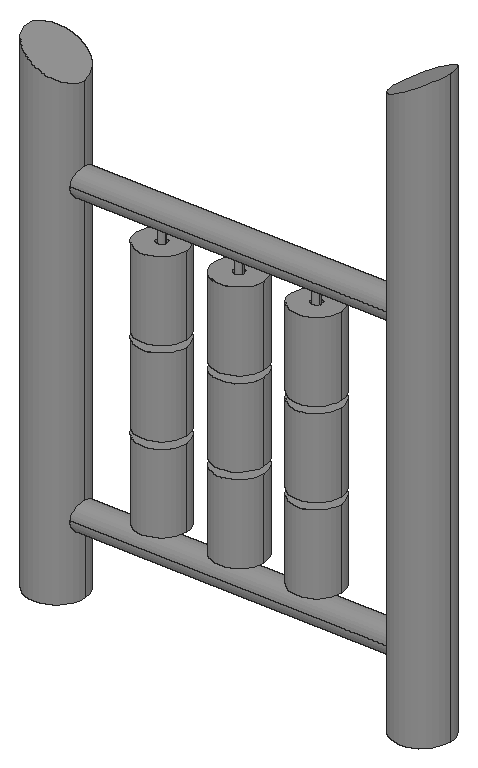
Revit family "41792 Бизиборд ARTWOOD «Крестики нолики» Хоббика", category Антураж, Revit 2018
Family settings
  На основе рабочей плоскости = Нет
  Всегда вертикально = Да
  При загрузке вырезать с полостями = Нет
  Источник визуального образа = Геометрия семейства
  Общий = Нет
  Точка расчета площади = Нет
Parameters (values of type "Бизиборд ARTWOOD «Крестики нолики»")
  Цвет отделки = Дерево
  Описание = "Бизиборд ARTWOOD «Крестики нолики»"  # constant formula
  Материал изделия = "Дерево, Пластик HDPE матовый"  # constant formula
  Изображение типоразмера = Бизиборд ARTWOOD «Крестики нолики» Арт 41792.jpg
  Изготовитель = "ООО «Хоббика»"  # constant formula
  Длина = 1200 mm  # constant formula
  Группа модели = "Элементы детской игровой площадки"  # constant formula
  Высота = 1700 mm  # constant formula
  Артикул товара = "Арт. 41792"  # constant formula
  URL = "https://hobbyka.ru/product/bizibord_artwood_krestiki_noliki/"
Reference planes
  plane 1 "По центру (Вперед/Назад)": y = 0
  plane 2: z = 0
  plane 3 "По центру (Влево/Вправо)": x = 0
  plane 4: x = 1200
  plane 5: y = 160
  plane 6: z = 1700
Forms (mm)
  Extrusion 1, solid, material "Дерево" <- "Цвет отделки"
    sketch origin (0, 0, 0) x (1, 0, 0) y (0, 1, 0)
      loop
        circle (80, 80) r 80
      loop
        circle (1120, 80) r 80
    from 0 to 1700
  Extrusion 2, void
    sketch origin (0, 0, 0) x (1, 0, 0) y (0, 0, 1)
      loop
        line (165, 1314.826) -> (165, 1705) -> (-5, 1705) -> (-5, 1409.058) -> (165, 1314.826)
      loop
        line (1035, 1611.919) -> (1209.366, 1705) -> (1035, 1705) -> (1035, 1611.919)
    from 0 to -160
  Extrusion 3, solid, material "Дерево" <- "Цвет отделки"
    sketch origin (0, 0, 150) x (0, 1, 0) y (0, 0, 1)
      loop
        circle (80, 910) r 40
    from 80 to 1120
  Extrusion 4, solid, material "Дерево" <- "Цвет отделки"
    sketch origin (0, 0, -690) x (0, 1, 0) y (0, 0, 1)
      loop
        circle (80, 900) r 40
    from 80 to 1120
  Extrusion 5, solid, material "Дерево" <- "Цвет отделки"
    sketch origin (0, 0, 0) x (1, 0, 0) y (0, 1, 0)
      loop
        circle (380, 80) r 10
      loop
        circle (600, 80) r 10
      loop
        circle (820, 80) r 10
    from 210 to 1060
  Extrusion 6, solid, material "Желтый"
    sketch origin (0, 0, 0) x (1, 0, 0) y (0, 1, 0)
      loop
        circle (380, 80) r 15
      loop
        circle (380, 80) r 70
      loop
        circle (600, 80) r 15
      loop
        circle (600, 80) r 70
      loop
        circle (820, 80) r 15
      loop
        circle (820, 80) r 70
    from 270 to 495
  Extrusion 7, solid, material "Желтый"
    sketch origin (0, 0, 0) x (1, 0, 0) y (0, 1, 0)
      loop
        circle (380, 80) r 15
      loop
        circle (380, 80) r 70
      loop
        circle (600, 80) r 15
      loop
        circle (600, 80) r 70
      loop
        circle (820, 80) r 15
      loop
        circle (820, 80) r 70
    from 515 to 740
  Extrusion 8, solid, material "Желтый"
    sketch origin (0, 0, 0) x (1, 0, 0) y (0, 1, 0)
      loop
        circle (380, 80) r 15
      loop
        circle (380, 80) r 70
      loop
        circle (600, 80) r 15
      loop
        circle (600, 80) r 70
      loop
        circle (820, 80) r 15
      loop
        circle (820, 80) r 70
    from 760 to 985
Cuts and joins
  Extrusion 2 cuts Extrusion 1
  joined: Extrusion 1, Extrusion 3, Extrusion 4, Extrusion 5
Dimensions and locks
  "Длина": plane 4 to plane 3 "По центру (Влево/Вправо)"
  locked: plane 5 to plane 1 "По центру (Вперед/Назад)" at 160
  "Высота": plane 6 to plane 2
  aligned and locked: level to plane 2
Automatic sketch dimensions
  plane 3 "По центру (Влево/Вправо)" to Extrusion 1 sketch curve = 80 mm
  Extrusion 1 sketch curve to plane 4 = 80 mm
  Extrusion 1 sketch curve to plane 1 "По центру (Вперед/Назад)" = 80 mm  (x2)
  Extrusion 2 sketch curve to plane 3 "По центру (Влево/Вправо)" = 5 mm
  plane 3 "По центру (Влево/Вправо)" to Extrusion 2 sketch curve = 165 mm
  Extrusion 2 sketch curve to plane 4 = 165 mm
  plane 4 to Extrusion 2 sketch curve = 9.366 mm
  Extrusion 2 sketch curve to plane 6 = 385.174 mm
  Extrusion 2 sketch curve to Extrusion 2 sketch curve = 94.233 mm
  Extrusion 2 sketch curve to plane 6 = 88.081 mm
  plane 6 to Extrusion 2 sketch curve = 5 mm  (x2)
  Extrusion 3 sketch curve to plane 1 "По центру (Вперед/Назад)" = 80 mm
  Extrusion 3 sketch curve to plane 6 = 640 mm
  Extrusion 4 sketch curve to plane 1 "По центру (Вперед/Назад)" = 80 mm
  level to Extrusion 4 sketch curve = 210 mm
  Extrusion 5 sketch curve to plane 1 "По центру (Вперед/Назад)" = 80 mm  (x3)
  plane 3 "По центру (Влево/Вправо)" to Extrusion 5 sketch curve = 380 mm
  Extrusion 5 sketch curve to Extrusion 5 sketch curve = 220 mm  (x2)
  Extrusion 6 sketch curve to Extrusion 6 sketch curve = 0 mm  (x6)
  Extrusion 6 sketch curve to plane 1 "По центру (Вперед/Назад)" = 80 mm  (x3)
  plane 3 "По центру (Влево/Вправо)" to Extrusion 6 sketch curve = 380 mm
  Extrusion 6 sketch curve to Extrusion 6 sketch curve = 220 mm  (x2)
  Extrusion 7 sketch curve to Extrusion 7 sketch curve = 0 mm  (x6)
  Extrusion 7 sketch curve to plane 1 "По центру (Вперед/Назад)" = 80 mm  (x3)
  plane 3 "По центру (Влево/Вправо)" to Extrusion 7 sketch curve = 380 mm
  Extrusion 7 sketch curve to Extrusion 7 sketch curve = 220 mm  (x2)
  Extrusion 8 sketch curve to Extrusion 8 sketch curve = 0 mm  (x6)
  Extrusion 8 sketch curve to plane 1 "По центру (Вперед/Назад)" = 80 mm  (x3)
  plane 3 "По центру (Влево/Вправо)" to Extrusion 8 sketch curve = 380 mm
  Extrusion 8 sketch curve to Extrusion 8 sketch curve = 220 mm  (x2)
  radius of Extrusion 1 sketch curve = 80 mm  (x2)
  radius of Extrusion 3 sketch curve = 40 mm
  radius of Extrusion 4 sketch curve = 40 mm
  radius of Extrusion 5 sketch curve = 10 mm  (x3)
  radius of Extrusion 6 sketch curve = 15 mm  (x3)
  radius of Extrusion 6 sketch curve = 70 mm  (x3)
  radius of Extrusion 7 sketch curve = 15 mm  (x3)
  radius of Extrusion 7 sketch curve = 70 mm  (x3)
  radius of Extrusion 8 sketch curve = 15 mm  (x3)
  radius of Extrusion 8 sketch curve = 70 mm  (x3)
